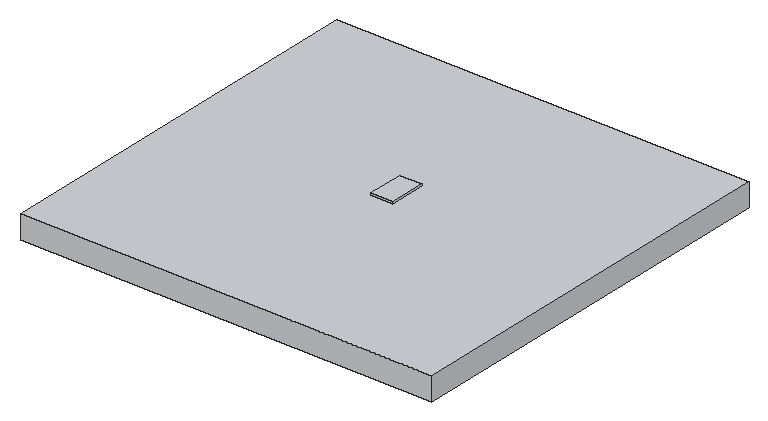
Revit family "05df69ace7114c17b2f08ed313e39e1c", category Electrical Fixtures, host Face, Revit 2021
Family settings
  Host = Face
  Maintain Annotation Orientation = Yes
  Round Connector Dimension = Use Diameter
  Part Type = Normal
  OmniClass Number = 23.80.50.11.17
  OmniClass Title = Ground Fault Receptacles
  Seek Item ID = High Voltage Receptacle-0000-USA-ENU
  Cut with Voids When Loaded = No
  Shared = No
  Room Calculation Point = No
Parameters (values of type "Standard")
  Switch Voltage = 240 V
  Number of Poles = 2
  Load Classification = Receptacle
  Load = 180 VA
  Default Elevation = 1' - 6"
  Assembly Code = ""
Reference planes (in)
  plane 1 "Center (Front/Back)": y = 0
  plane 2: z = 0
  plane 3 "Center (Left/Right)": x = 0
  plane 4: x = -1.375
  plane 5: x = 1.375
  plane 6: x = -0.75
  plane 7: x = 0.75
  plane 8: y = 2.25
  plane 9: y = -2.25
  plane 10: y = 1.5
  plane 11: y = -1.5
  plane 12 "level above": z = 0.1875
  plane 13 "level below": z = -2.125
Forms (in)
  Extrusion 1, solid
    sketch origin (0, 0, 0) x (1, 0, 0) y (0, 1, 0)
      loop
        line (-25.375, 22.5) -> (-25.375, -26.25) -> (25.375, -26.25) -> (25.375, 22.5) -> (-25.375, 22.5)
    from 0 to -2.86111
  Extrusion 2, solid
    sketch origin (0, 0, 0) x (1, 0, 0) y (0, 1, 0)
      loop
        line (-1.375, 2.25) -> (-1.375, -2.25) -> (1.375, -2.25) -> (1.375, 2.25) -> (-1.375, 2.25)
    from 0 to 0.1875
  Extrusion 3, solid
    sketch origin (0, 0, 0) x (1, 0, 0) y (0, 1, 0)
      loop
        line (-0.75, 1.5) -> (-0.75, -1.5) -> (0.75, -1.5) -> (0.75, 1.5) -> (-0.75, 1.5)
    from 0 to -2.125
Lines and regions (in)
  symbolic lines, detail levels fine
    curve 1: line (1.375, 0, 0) -> (-1.375, 0, 0)
    curve 2: line (1.375, 0, 0.1875) -> (1.375, 0, 0)
    curve 3: line (-1.375, 0, 0.1875) -> (1.375, 0, 0.1875)
    curve 4: line (-1.375, 0, 0) -> (-1.375, 0, 0.1875)
    curve 5: line (0.75, 0, -2.125) -> (-0.75, 0, -2.125)
    curve 6: line (0.75, 0, 0) -> (0.75, 0, -2.125)
    curve 7: line (-0.75, 0, -2.125) -> (-0.75, 0, 0)
Dimensions and locks (in)
  equal spacing: plane 6, plane 3 "Center (Left/Right)", plane 7, locked at 0.75 each
  locked: plane 6 to plane 7 at 1.5
  equal spacing: plane 4, plane 3 "Center (Left/Right)", plane 5, locked at 1.375 each
  locked: plane 4 to plane 5 at 2.75
  locked: plane 8 to plane 9 at 4.5
  locked: plane 12 "level above" to level at 0.1875
  locked: level to plane 13 "level below" at 2.125
  locked: plane 10 to plane 11 at 3
  equal spacing: plane 10, plane 1 "Center (Front/Back)", plane 11, locked at 1.5 each
  equal spacing: plane 8, plane 1 "Center (Front/Back)", plane 9, locked at 2.25 each
  aligned and locked: plane 2 to Extrusion 1
  aligned and locked: level to Extrusion 1
  aligned and locked: plane 8 to Extrusion 2
  aligned and locked: Extrusion 2 to plane 9
  aligned and locked: plane 5 to Extrusion 2
  aligned and locked: Extrusion 2 to plane 4
  aligned and locked: Extrusion 2 to level
  aligned and locked: plane 12 "level above" to Extrusion 2
  aligned and locked: plane 10 to Extrusion 3
  aligned and locked: Extrusion 3 to plane 6
  aligned and locked: plane 7 to Extrusion 3
  aligned and locked: Extrusion 3 to plane 11
  aligned and locked: Extrusion 3 to level
  aligned and locked: Extrusion 3 to plane 13 "level below"
  aligned and locked: curve 4 to plane 4
  aligned and locked: plane 5 to curve 2
  aligned and locked: curve 3 to plane 12 "level above"
  aligned and locked: plane 2 to curve 1
  aligned and locked: curve 7 to plane 6
  aligned and locked: plane 7 to curve 6
  aligned and locked: plane 13 "level below" to curve 5
  aligned and locked: plane 1 "Center (Front/Back)" to nested 1
  aligned and locked: plane 3 "Center (Left/Right)" to nested 1
Automatic sketch dimensions
  Extrusion 2 sketch curve to plane 4 = 0' - 0"
  Extrusion 2 sketch curve to plane 5 = 0' - 0"
  Extrusion 2 sketch curve to plane 9 = 0' - 0"
  Extrusion 2 sketch curve to plane 8 = 0' - 0"
  Extrusion 3 sketch curve to plane 6 = 0' - 0"
  Extrusion 3 sketch curve to plane 7 = 0' - 0"
  Extrusion 3 sketch curve to plane 11 = 0' - 0"
  Extrusion 3 sketch curve to plane 10 = 0' - 0"
  Extrusion 1 sketch curve to Extrusion 1 sketch curve = 4' - 2 3/4"
  Extrusion 1 sketch curve to Extrusion 1 sketch curve = 4' - 0 3/4"
Nested families (in)
  nested 1: "High Voltage Receptacle Annotation" at (0, 0, 0), type "High Voltage Receptacle Annotation", detail levels coarse+medium
Connectors (in)
  electrical at (0, 1.5, -1.0625), driven by "Switch Voltage", driven by "Load", driven by "Load", driven by "Number of Poles", driven by "Load Classification"
    settings: on Extrusion 3, index 1, voltage 240 V, apparent load 180 VA, apparent load phase1 180 VA, apparent load phase2 0 VA, apparent load phase3 0 VA, power factor 1, load classification "Receptacle", number of poles 2, system type 30, power factor state 1, is connector primary yes, connector utility no, sub classification motor no, connector description ""
Definition of nested family "High Voltage Receptacle Annotation"
  Parameters
    Label Annotation = "AIM"
  Reference planes (in)
    plane 1: y = 0
    plane 2: x = 0
  Lines and regions (in)
    Filled region 1, type "Filled region 1"
      outline origin (0, 0, 0) x (1, 0, 0) y (0, 1, 0)
        loop
          line (-0.01562, 0.18552) -> (-0.01562, 0.06448)
          arc (-0.01562, 0.06448) -> (0, 0.0625) -> (0.01562, 0.06448) r 0.0625
          line (0.01562, 0.06448) -> (0.01563, 0.18552)
          arc (0.01563, 0.18552) -> (0, 0.1875) -> (-0.01562, 0.18552) r 0.0625
    reference lines
      curve 1: line (-0.56423, 0.125, 0) -> (0.61164, 0.125, 0)
    detail lines
      curve 2: circle (0, 0.125, 0) r 0.0625 normal (0, 0, 1)
      curve 3: line (-0.01562, 0.18552, 0) -> (-0.01562, 0, 0)
      curve 4: line (0.01563, 0.18552, 0) -> (0.01563, 0, 0)
  Dimensions and locks (in)
    locked: plane 1 to curve 1 at 0.125
    locked: curve 3 to plane 2 at 0.01562
    locked: plane 2 to curve 4 at 0.01563
    aligned and locked: curve 1 to curve 2
    aligned and locked: plane 2 to curve 2
    aligned and locked: plane 1 to curve 4
